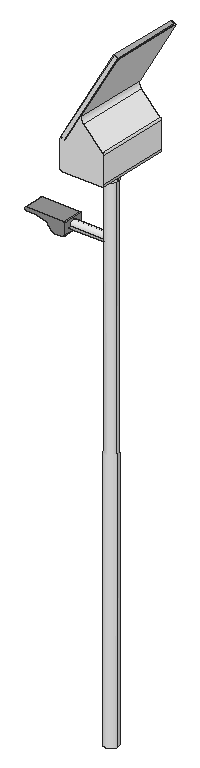
Revit family "Farola Solar Moon S blanca", category Luminarias, Revit 2021
Family settings
  Cota de conector redondo = Diámetro de uso
  Tipo de pieza = Normal
  Se basa en plano de trabajo = No
  Siempre vertical = Sí
  Corte con vacíos al cargar = No
  Origen de luz = No
  Compartido = Sí
  Punto de cálculo de habitación = No
Parameters (values of type "Farola Olintu S pintura gris")
  URL producto = "https://ekiona.com/farolas-solares/serie-moon/"
  URL = "https://www.ekiona.com/"
  Teléfono de contacto = "(+34) 943 30 80 51"
  Keynote = ""
  Modelo = "Modelo Moon"
  Marcado CE = "SÍ"
  Garantía = "5 años"
  Gama de colores = "Blanco, Negro, Gris, Verde bosque, acero galvanizado"
  Gama de acabados = "Galvanizado, Fibra de vidrio, Aluminio"
  Fabricante = "Ekiona"
  Elevación por defecto = 2000 mm
  E-mail de contacto = "info@ekiona.com"
  Distancia inserto-columa = Altura columna planos - 136 mm  # 3864 mm
  Distancia brazo-final de columna = Altura columna planos - 500 mm  # 3500 mm
  Dirección = "Parque Tecnológico Miramón - Paseo Mikeletegi 56 - 20009 Donostia/San Sebastián"
  Descripción de la empresa = "Diseñamos, desarrollamos, fabricamos y comercializamos farolas solares que se adaptan a cualquier necesidad."
  Descripción = "Farola solar compacta y estética, la unión entre eficiencia y diseño"
  Clase eficiencia energética = "A++"
  Altura columna extremos = 4000 mm
  Altura columna planos = Altura columna extremos  # 4000 mm
Types (3, lengths in mm): name | URL producto | Modelo | Garantía | Gama de colores | Gama de acabados | Dirección | Descripción de la empresa | Descripción
  (no name) | "https://ekiona.com/farolas-solares/serie-moon/" | "Modelo Moon" | "5 años" | "Blanco, Negro, Gris, Verde bosque, acero galvanizado" | "Galvanizado, Fibra de vidrio, Aluminio" | "Parque Tecnológico Miramón - Paseo Mikeletegi 56 - 20009 Donostia/San Sebastián" | "Diseñamos, desarrollamos, fabricamos y comercializamos farolas solares que se adaptan a cualquier necesidad." | "Farola solar compacta y estética, la unión entre eficiencia y diseño"
  Farola Olintu S pintura blanca | "https://ekiona.com/farolas-solares/serie-olintu/" | "Modelo Olintu" | "2 años" | "" | "" | "" | "" | "Farola solar que combina diseño y eficencia"
  Farola Olintu S pintura gris | "https://ekiona.com/farolas-solares/serie-moon/" | "Modelo Moon" | "5 años" | "Blanco, Negro, Gris, Verde bosque, acero galvanizado" | "Galvanizado, Fibra de vidrio, Aluminio" | "Parque Tecnológico Miramón - Paseo Mikeletegi 56 - 20009 Donostia/San Sebastián" | "Diseñamos, desarrollamos, fabricamos y comercializamos farolas solares que se adaptan a cualquier necesidad." | "Farola solar compacta y estética, la unión entre eficiencia y diseño"
Reference planes
  plane 1 "Center (Front/Back)": y = 0
  plane 2: z = 0
  plane 3 "Center (Left/Right)": x = 0
  plane 4: z = 4000
  plane 5: z = 3500
Dimensions and locks
  "Altura columna planos": plane 2 to plane 4
  "Distancia brazo-final de columna": level to plane 5
  "Distancia inserto-columa": level to nested 3
  aligned and locked: level to plane 2
  aligned and locked: plane 5 to nested 2
Nested families
  nested 1: "Columna Moon S blanca" at (5, 0, 0), Altura columna <- "Altura columna extremos", type "Columna 4m"
    with Material columna Pintura blanca
  nested 2: "Luminaria Moon S blanca" at (5, 0, 3451.464), type "Luminaria 20W"
    with Material luminaria Plastico negro, Material brazo Pintura blanca, Material LED LED
  nested 3: "Tolva Moon S blanca" at (5, 340, 2524.796), type "Tolva Moon S blanca"
Definition of nested family "Columna Moon S blanca"
  Parameters (values of type "Columna 5m")
    Øsuperior columna = 88 mm
    Øinferior columna = 115 mm
    Material columna [instance] = none
    Default Elevation = 0 mm
    Altura columna [instance] = 5000 mm
  Types (3, lengths in mm): name | Øinferior columna | Altura columna
    Columna 5m | 115 | 5000
    Columna 4m | 105 | 4000
    Columna 3m | 115 | 3000
  Reference planes
    plane 1 "Center (Front/Back)": y = 0
    plane 2: z = 0
    plane 3 "Center (Left/Right)": x = 0
    plane 4: z = 5000
  Forms (mm)
    Blend 1, solid, material <- "Material columna"
      base sketch origin (0, 0, 0) x (1, 0, 0) y (0, 1, 0)
        loop
          circle (0.091, 0.421) r 57.5
      top sketch origin (0, 0, 0) x (1, 0, 0) y (0, 1, 0)
        loop
          circle (0.091, 0.421) r 44
      from 0 to 5000
  Dimensions and locks
    "Altura columna": plane 4 to level
    "Øinferior columna": diameter of Blend 1 sketch curve
    "Øsuperior columna": diameter of Blend 1 sketch curve
    aligned and locked: level to plane 2
    aligned and locked: plane 4 to Blend 1
  Automatic sketch dimensions
    plane 3 "Center (Left/Right)" to Blend 1 sketch curve = 0.091 mm  (x2)
    Blend 1 sketch curve to plane 1 "Center (Front/Back)" = 0.421 mm  (x2)
Definition of nested family "Luminaria Moon S blanca"
  Parameters (values of type "Luminaria 50W")
    Tilt Angle = 70.00°
    built-in parameter 1010506 = 0.34907 (stored number, unit not read)
    built-in parameter 1010507 = 1.2217 (stored number, unit not read)
    Wattage = 50 W
    built-in parameter 1150107 = 3000 (stored number, unit not read)
    built-in parameter 1150110 = 1 (stored number, unit not read)
    built-in parameter 1150109 = 1 (stored number, unit not read)
    built-in parameter 1150112 = 1 (stored number, unit not read)
    built-in parameter 1150113 = 1 (stored number, unit not read)
    built-in parameter 1114218 = 1 (stored number, unit not read)
    built-in parameter 1150137 = (empty or 0)
    built-in parameter 1150132 = (empty or 0)
    Material luminaria [instance] = none
    Material brazo [instance] = none
    Material LED [instance] = none
    Light Source Symbol Length = 3048 mm
    built-in parameter 1150105 = 60769.7 (stored number, unit not read)
    built-in parameter 1150102 = (empty or 0)
    built-in parameter 1150106 = 607.7 (stored number, unit not read)
    Emit Shape Visible in Rendering = no
    Lumens = 8250 lm
    Color Filter = 16777215
    built-in parameter 1114217 = 0.7 (stored number, unit not read)
    built-in parameter 1150139 = (empty or 0)
    Default Elevation = 0 mm
    built-in parameter 1150104 = 15.329 (stored number, unit not read)
    Emit from Circle Diameter = 50 mm
    built-in parameter 1150115 = 1 (stored number, unit not read)
    built-in parameter 1150114 = 1 (stored number, unit not read)
    built-in parameter 1150138 = (empty or 0)
    built-in parameter 1150134 = (empty or 0)
    Dimming Lamp Color Temperature Shift = (empty or 0)
    built-in parameter 1150133 = 10 (stored number, unit not read)
  Types (4, lengths in mm): name | Wattage | built-in parameter 1150105 | built-in parameter 1150106 | Lumens
    Luminaria 30W | 30 W | 36461.8 (stored number, unit not read) | 364.62 (stored number, unit not read) | 4950 lm
    Luminaria 20W | 20 W | 24307.9 (stored number, unit not read) | 243.08 (stored number, unit not read) | 3300 lm
    Luminaria 40W | 40 W | 48615.8 (stored number, unit not read) | 486.16 (stored number, unit not read) | 6600 lm
    Luminaria 50W | 50 W | 60769.7 (stored number, unit not read) | 607.7 (stored number, unit not read) | 8250 lm
  Reference planes
    plane 1 "Center (Front/Back)": y = 0
    plane 2: z = 0
    plane 3 "Center (Left/Right)": x = 0
  Forms (mm)
    Revolve 1, solid, material <- "Material brazo"
      sketch origin (303.946, 1.989, 0) x (1, 0, 0) y (0, 1, 0)
        loop
          line (-608.495, 30) -> (-302.022, 30) -> (-302.022, 33.284) -> (-608.495, 33.284) -> (-608.495, 30)
        axis (-608.495, 0) -> (-302.022, 0)
      angle from 0 to 360
    Revolve 2, solid, material <- "Material LED"
      sketch origin (687.978, 0, -3.572) x (1, 0, 0) y (0, 0, 1)
        loop
          arc (-1192.369, 27.257) -> (-1185.047, 9.579) -> (-1167.369, 2.257) r 25
          line (-1167.369, 2.257) -> (-1167.369, 27.257) -> (-1192.369, 27.257)
        axis (-1167.369, 27.257) -> (-1167.369, 2.257)
      angle from 0 to 360
    Extrusion 3, solid, material <- "Material luminaria"
      sketch origin (238.457, 170, 0) x (1, 0, 0) y (0, 0, 1)
        loop
          arc (-530.557, 45) -> (-532.034, 47.059) -> (-534.093, 48.536) r 7.795
          line (-534.093, 48.536) -> (-819.093, 48.536)
          arc (-819.093, 48.536) -> (-830.585, 37.044) -> (-819.093, 25.552) r 11.492
          line (-819.093, 25.552) -> (-754.765, 25.552)
          arc (-754.765, 25.552) -> (-719.662, 20.455) -> (-685.221, 11.966) r 364.063
          arc (-685.221, 11.966) -> (-667.18, 1.896) -> (-655.103, -14.869) r 47.612
          arc (-655.103, -14.869) -> (-633.37, -40.263) -> (-603.441, -55.142) r 83.798
          arc (-603.441, -55.142) -> (-569.333, -56.37) -> (-535.764, -50.207) r 157.18
          arc (-535.764, -50.207) -> (-532.082, -48.682) -> (-530.557, -45) r 5.207
          line (-530.557, -45) -> (-530.557, 45)
      from 95.307 to 250
  Dimensions and locks
    aligned and locked: level to plane 2
Definition of nested family "Tolva Moon S blanca"
  Parameters (values of type "Tolva Olintu S blanca")
    Model = "Tolva Olintu"
    Material inserto = none
    Material estructura base = none
    Manufacturer = "Ekiona"
    Default Elevation = 0 mm
    Ancho panel = 545 mm
  Reference planes
    plane 1 "Center (Front/Back)": y = 0
    plane 2: z = 0
    plane 3 "Center (Left/Right)": x = 0
    plane 4 "paralelo a vista izq": y = -337.5
    plane 5 "Plano 1": through (259.959, -25, 3493.187) normal (-0.5, 0, 0.866)
    plane 6: through (97.83, 0, 2130.088) normal (-0.866, 0, 0.5)
  Forms (mm)
    Revolve 1, solid, material <- "Material inserto"
      sketch origin (0, 0, -386.551) x (0, 1, 0) y (0, 0, 1)
        loop
          line (-287.5, 2035.827) -> (-287.5, 1725.755) -> (-284.5, 1725.755) -> (-284.5, 2035.827) -> (-287.5, 2035.827)
        axis (-337.5, 2035.827) -> (-337.5, 1725.755)
      angle from 0 to 360
    Extrusion 2, solid, not visible
      sketch origin (124.705, 0, 1465.982) x (1, 0, 0) y (0, 0, 1)
        loop
          line (25.298, 2103.034) -> (-292.965, 1551.785) -> (-241.004, 1521.785) -> (77.26, 2073.034) -> (25.298, 2103.034)
      from 70.047 to 615.047
    Extrusion 3, void, not visible
      sketch origin (-63.196, 0, 1140.322) x (1, 0, 0) y (0, 0, 1)
        loop
          line (224.128, 2422.685) -> (236.948, 2349.979) -> (276.798, 2419.002) -> (224.128, 2422.685)
      from 0 to 675
    Extrusion 4, void, not visible
      sketch origin (124.705, 0, 1465.982) x (1, 0, 0) y (0, 0, 1)
        loop
          line (-212.839, 1570.569) -> (-289.787, 1549.95) -> (-300.47, 1528.787) -> (-231.188, 1488.787) -> (-191.188, 1558.069) -> (-212.839, 1570.569)
      from 0 to 675
    Extrusion 5, solid, not visible
      sketch origin (-63.252, 0, 1140.601) x (1, 0, 0) y (0, 0, 1)
        loop
          line (212.635, 2427.51) -> (224.709, 2420.539) -> (237.206, 2349.669) -> (152.052, 2202.179) -> (153.752, 2201.197) -> (239.192, 2349.183) -> (226.372, 2421.888) -> (213.635, 2429.242) -> (212.635, 2427.51)
      from 70.047 to 615.047
    Extrusion 6, solid, not visible
      sketch origin (124.679, 0, 1466.114) x (1, 0, 0) y (0, 0, 1)
        loop
          line (-35.879, 1876.666) -> (-212.705, 1570.395) -> (-289.813, 1549.734) -> (-293.065, 1551.612) -> (-294.068, 1549.876) -> (-290.068, 1547.567) -> (-211.46, 1568.63) -> (-34.182, 1875.686) -> (-35.879, 1876.666)
      from 70.047 to 615.047
    Extrusion 7, solid, not visible
      sketch origin (124.769, 0, 1465.921) x (1, 0, 0) y (0, 0, 1)
        loop
          line (-292.965, 1551.785) -> (25.035, 2102.578) -> (-5.276, 2120.078) -> (-323.276, 1569.285) -> (-292.965, 1551.785)
      from 70.047 to 615.047
    Extrusion 8, void, not visible
      sketch origin (-1013.482, -34.1, 1392.821) x (0, 1, 0) y (0.5, 0, 0.866025)
        loop
          line (-463.861, 2321.81) -> (-416.148, 2321.81)
          arc (-416.148, 2321.81) -> (-419.48, 2339.286) -> (-430.409, 2353.323) r 37.954
          arc (-430.409, 2353.323) -> (-445.409, 2358.568) -> (-460.409, 2353.323) r 24.073
          arc (-460.409, 2353.323) -> (-471.433, 2339.075) -> (-474.645, 2321.349) r 37.954
          arc (-474.645, 2321.349) -> (-473.167, 2312.913) -> (-469.836, 2305.024) r 37.954
          arc (-469.836, 2305.024) -> (-441.562, 2289.96) -> (-416.017, 2309.293) r 29.744
          line (-416.017, 2309.293) -> (-423.962, 2312.74)
          arc (-423.962, 2312.74) -> (-442.617, 2300.75) -> (-461.255, 2312.766) r 20.484
          arc (-461.255, 2312.766) -> (-462.888, 2317.193) -> (-463.861, 2321.81) r 32.425
        loop
          line (-462.861, 2331.038) -> (-427.861, 2331.038)
          arc (-427.861, 2331.038) -> (-445.361, 2348.538) -> (-462.861, 2331.038) r 17.5
        loop
          line (-407.152, 2354.99) -> (-407.152, 2299.99)
          arc (-407.152, 2299.99) -> (-401.908, 2294.747) -> (-396.665, 2299.99) r 5.244
          line (-396.665, 2299.99) -> (-396.665, 2315.008) -> (-387.196, 2324.476) -> (-367.121, 2295.806)
          arc (-367.121, 2295.806) -> (-360.158, 2294.578) -> (-358.93, 2301.542) r 5
          line (-358.93, 2301.542) -> (-380.016, 2331.656) -> (-362.339, 2349.334)
          arc (-362.339, 2349.334) -> (-362.339, 2357.323) -> (-370.328, 2357.323) r 5.649
          line (-370.328, 2357.323) -> (-396.665, 2330.986) -> (-396.665, 2354.99)
          arc (-396.665, 2354.99) -> (-401.908, 2360.234) -> (-407.152, 2354.99) r 5.244
        loop
          line (-345.695, 2330.348) -> (-345.695, 2298.296)
          arc (-345.695, 2298.296) -> (-340.695, 2293.296) -> (-335.695, 2298.296) r 5
          line (-335.695, 2298.296) -> (-335.695, 2330.348)
          arc (-335.695, 2330.348) -> (-340.695, 2335.348) -> (-345.695, 2330.348) r 5
        loop
          arc (-313.958, 2351.943) -> (-322.635, 2348.932) -> (-329.497, 2355.038) r 9.076
          arc (-329.497, 2355.038) -> (-336.449, 2361.579) -> (-345.695, 2359.211) r 9.903
          arc (-345.695, 2359.211) -> (-348.682, 2355.086) -> (-349.922, 2350.147) r 13.45
          arc (-349.922, 2350.147) -> (-346.706, 2343.243) -> (-339.177, 2342.089) r 8.071
          arc (-339.177, 2342.089) -> (-335.695, 2342.685) -> (-332.214, 2342.089) r 10.463
          arc (-332.214, 2342.089) -> (-327.031, 2338.208) -> (-325.061, 2332.04) r 10.635
          arc (-325.061, 2332.04) -> (-262.525, 2310.202) -> (-313.958, 2351.943) r 33.621
        loop
          line (-250.357, 2353.481) -> (-250.357, 2298.481)
          arc (-250.357, 2298.481) -> (-243.625, 2291.749) -> (-236.893, 2298.481) r 6.732
          line (-236.893, 2298.481) -> (-236.893, 2343.466)
          arc (-236.893, 2343.466) -> (-229.971, 2349.019) -> (-221.459, 2351.529) r 22.933
          arc (-221.459, 2351.529) -> (-212.902, 2347.984) -> (-209.357, 2339.427) r 12.102
          line (-209.357, 2339.427) -> (-209.357, 2298.481)
          arc (-209.357, 2298.481) -> (-203.024, 2292.148) -> (-196.691, 2298.481) r 6.333
          line (-196.691, 2298.481) -> (-196.691, 2339.905)
          arc (-196.691, 2339.905) -> (-198.028, 2347.169) -> (-201.863, 2353.481) r 20.404
          arc (-201.863, 2353.481) -> (-219.569, 2360.932) -> (-237.793, 2354.854) r 27.258
          arc (-237.793, 2354.854) -> (-244.69, 2359.8) -> (-250.357, 2353.481) r 6.357
        loop
          arc (-184.719, 2344.597) -> (-181.441, 2338.502) -> (-174.681, 2339.98) r 5.745
          arc (-174.681, 2339.98) -> (-169.693, 2349.593) -> (-159.36, 2352.836) r 14.106
          arc (-159.36, 2352.836) -> (-151.076, 2350.212) -> (-144.661, 2344.349) r 20.193
          line (-144.661, 2344.349) -> (-144.661, 2338.186)
          arc (-144.661, 2338.186) -> (-158.183, 2333.475) -> (-172.248, 2330.794) r 97.575
          arc (-172.248, 2330.794) -> (-181.869, 2326.808) -> (-185.855, 2317.187) r 13.607
          arc (-185.855, 2317.187) -> (-186.09, 2312.502) -> (-186.044, 2307.811) r 78.299
          arc (-186.044, 2307.811) -> (-182.313, 2300.899) -> (-176.154, 2296.024) r 19.471
          arc (-176.154, 2296.024) -> (-166.154, 2293.649) -> (-156.154, 2296.024) r 22.235
          arc (-156.154, 2296.024) -> (-150.683, 2299.242) -> (-145.676, 2303.144) r 48.757
          line (-145.676, 2303.144) -> (-145.676, 2297.176)
          arc (-145.676, 2297.176) -> (-140.801, 2292.301) -> (-135.926, 2297.176) r 4.875
          line (-135.926, 2297.176) -> (-135.926, 2347.483)
          arc (-135.926, 2347.483) -> (-140.108, 2354.143) -> (-146.491, 2358.739) r 20.503
          arc (-146.491, 2358.739) -> (-158.534, 2361.376) -> (-170.577, 2358.739) r 28.822
          arc (-170.577, 2358.739) -> (-178.914, 2352.934) -> (-184.719, 2344.597) r 28.822
        loop
          arc (-144.661, 2330.676) -> (-156.177, 2325.488) -> (-168.693, 2323.785) r 44.019
          arc (-168.693, 2323.785) -> (-173.358, 2321.852) -> (-175.29, 2317.187) r 6.598
          arc (-175.29, 2317.187) -> (-175.527, 2313.145) -> (-175.29, 2309.103) r 34.669
          arc (-175.29, 2309.103) -> (-173.729, 2305.335) -> (-169.961, 2303.774) r 5.329
          arc (-169.961, 2303.774) -> (-163.465, 2302.436) -> (-156.969, 2303.774) r 16.436
          arc (-156.969, 2303.774) -> (-150.056, 2308.034) -> (-144.661, 2314.101) r 27.926
          line (-144.661, 2314.101) -> (-144.661, 2330.676)
      from -19.407 to 3
    Revolve 9, solid, not visible
      sketch origin (0, 0, 1241.412) x (0, 1, 0) y (0, 0, 1)
        loop
          line (-287.5, 2035.827) -> (-287.5, 1725.755) -> (-284.5, 1725.755) -> (-284.5, 2035.827) -> (-287.5, 2035.827)
        axis (-337.5, 2035.827) -> (-337.5, 1725.755)
      angle from 0 to 360
    Extrusion 10, solid, not visible
      sketch origin (128.943, 0, 6.927) x (1, 0, 0) y (0, 0, 1)
        loop
          line (25.298, 2103.034) -> (-292.965, 1551.785) -> (-241.004, 1521.785) -> (77.26, 2073.034) -> (25.298, 2103.034)
      from 70.047 to 615.047
    Extrusion 11, solid, not visible
      sketch origin (-59.014, 0, -318.454) x (1, 0, 0) y (0, 0, 1)
        loop
          line (212.635, 2427.51) -> (224.709, 2420.539) -> (237.206, 2349.669) -> (152.052, 2202.179) -> (153.752, 2201.197) -> (239.192, 2349.183) -> (226.372, 2421.888) -> (213.635, 2429.242) -> (212.635, 2427.51)
      from 70.047 to 615.047
    Extrusion 12, solid, not visible
      sketch origin (128.918, 0, 7.059) x (1, 0, 0) y (0, 0, 1)
        loop
          line (-35.879, 1876.666) -> (-212.705, 1570.395) -> (-289.813, 1549.734) -> (-293.065, 1551.612) -> (-294.068, 1549.876) -> (-290.068, 1547.567) -> (-211.46, 1568.63) -> (-34.182, 1875.686) -> (-35.879, 1876.666)
      from 70.047 to 615.047
    Revolve 13, solid, not visible
      sketch origin (0, 0, -217.643) x (0, 1, 0) y (0, 0, 1)
        loop
          line (-287.5, 2035.827) -> (-287.5, 1725.755) -> (-284.5, 1725.755) -> (-284.5, 2035.827) -> (-287.5, 2035.827)
        axis (-337.5, 2035.827) -> (-337.5, 1725.755)
      angle from 0 to 360
    Extrusion 14, solid
      sketch origin (106.298, 0, 251.777) x (1, 0, 0) y (0, 0, 1)
        loop
          line (160.132, 2120.334) -> (134.151, 2135.334) -> (-268.349, 1438.184) -> (-242.368, 1423.184) -> (160.132, 2120.334)
      from 72.309 to 613.86
    Extrusion 15, solid, material <- "Material estructura base"
      sketch origin (0, 0, 0) x (1, 0, 0) y (0, 0, 1)
        loop
          arc (147.315, 1456.297) -> (160.446, 1461.736) -> (165.885, 1474.867) r 18.569
          line (165.885, 1474.867) -> (165.885, 1674.867)
          arc (165.885, 1674.867) -> (163.765, 1685.3) -> (157.744, 1694.079) r 26.74
          line (157.744, 1694.079) -> (12.787, 1839.036)
          arc (12.787, 1839.036) -> (-0.782, 1863.06) -> (0, 1890.64) r 51.489
          line (0, 1890.64) -> (275.091, 2367.111) -> (244.78, 2384.611) -> (-167.647, 1670.268)
          arc (-167.647, 1670.268) -> (-169.408, 1662.657) -> (-170, 1654.867) r 51.572
          line (-170, 1654.867) -> (-170, 1477.511)
          arc (-170, 1477.511) -> (-163.787, 1462.511) -> (-148.787, 1456.297) r 21.213
          line (-148.787, 1456.297) -> (147.315, 1456.297)
      from 70.047 to 615.047
  Dimensions and locks
    Revolve 1 sketch curve to Revolve 1 sketch curve = 50 mm
    Revolve 1 sketch curve to Revolve 1 sketch curve = 53 mm
    Revolve 13 sketch curve to Revolve 13 sketch curve = 50 mm
    Revolve 13 sketch curve to Revolve 13 sketch curve = 53 mm
    Extrusion 15 to Extrusion 14 = 805 mm
    aligned and locked: level to plane 2
